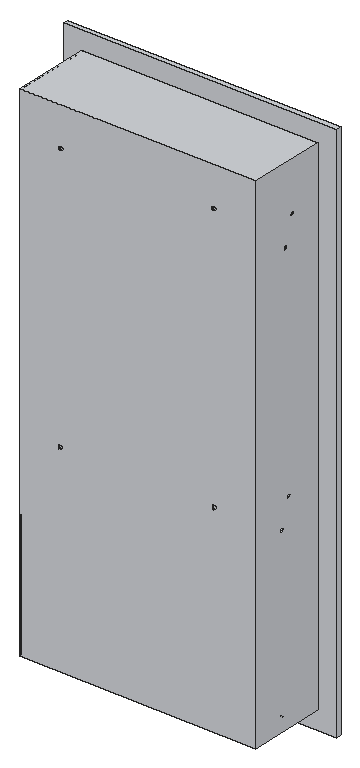
Revit family "AX9010E_0017", category Appareils sanitaires, Revit 2016
Family settings
  Hôte = Mur
  Type d'élément = Normal
  Cote de connecteur circulaire = Utiliser le diamètre
  Numéro OmniClass = 23.75.00.00
  Titre OmniClass = Climate Control (HVAC)
  Toujours verticalement = Oui
  Couper avec des vides une fois chargée = Non
  Partagée = Non
  Point de calcul de pièce = Non
Parameters (values of type "Type 1")
  URL = "https://www.axeuro.com/fr/distributeurs-d-essuie-mains-a-encastrer/15493-distributeur-d-essuie-mains-ax9010e-3700926005932.html"
  Type de produit / Type of product = "Distributeur d'essuie-mains à encastrer / Paper towel dispenser"  # constant formula
  Référence / Reference = "AX9010E"  # constant formula
  Model = ""
  Manufacturer = ""
  Entreprise / Company = "Axeuro"  # constant formula
  Description = ""
Reference planes
  plane 1 "Mur": y = 0
  plane 2 "Centre (gauche/droite)": x = 0
  plane 3 "Arrière": y = 75
Forms (mm)
  Extrusion 1, solid
    sketch origin (0, -40.203, 0) x (1, 0, 0) y (0, 0, 1)
      loop
        line (-177.966, 1652.637) -> (-177.966, 941.637) -> (177.966, 941.637) -> (177.966, 1652.637) -> (-177.966, 1652.637)
      loop
        line (-152.966, 1629.138) -> (-152.966, 966.637) -> (152.966, 966.637) -> (152.966, 1629.138) -> (-152.966, 1629.138)
    from -122.251 to -115.203
  Extrusion 2, solid
    sketch origin (9.694, -27.027, -331.5) x (1, 0, 0) y (0, 0, 1)
      loop
        line (143.272, 1297.637) -> (143.272, 1959.637) -> (-162.66, 1959.637) -> (-162.66, 1297.637) -> (143.272, 1297.637)
      loop
        line (144.272, 1960.637) -> (-163.66, 1960.637) -> (-163.66, 1296.637) -> (144.272, 1296.637) -> (144.272, 1960.637)
    from -102.027 to 0
  Extrusion 3, solid
    sketch origin (0, -102.027, -8.718) x (1, 0, 0) y (0, 1, 0)
      loop
        line (-153.966, 75) -> (153.966, 75) -> (153.966, 76.029) -> (-153.966, 76.029) -> (-153.966, 75)
    from 973.855 to 1637.855
  Extrusion 4, solid
    sketch origin (0, 0, -8.718) x (0, 1, 0) y (0, 0, 1)
      loop
        line (-27.027, 1637.856) -> (-27.027, 1141.637) -> (82.048, 1165.664) -> (82.048, 1637.856) -> (-27.027, 1637.856)
    from -152.966 to 152.966
  Revolve 5, solid
    sketch origin (2058.846, -100.967, 1395.08) x (0, 1, 0) y (-1, 0, 0)
      loop
        line (183.015, 1951.576) -> (183.015, 1947.779) -> (188.973, 1947.779)
        arc (188.973, 1947.779) -> (186.535, 1950.527) -> (183.015, 1951.576) r 6.699
      axis (188.973, 1939.978) -> (183.015, 1939.978)
    angle from 0 to 360
  Extrusion 6, solid
    sketch origin (2058.846, -25.967, 1395.08) x (0, 0, 1) y (-1, 0, 0)
      loop
        circle (0, 1940.019) r 7.777
    from -113.973 to -108.015
  Extrusion 7, void
    sketch origin (2058.209, -25.967, 1397.281) x (0, 0, 1) y (-1, 0, 0)
      loop
        line (-0.713, 1944.317) -> (-3.713, 1944.317) -> (-3.713, 1934.447) -> (-0.713, 1934.447) -> (-0.713, 1944.317)
    from -113.973 to -108.015
  Revolve 8, solid, not visible
    sketch origin (162.118, 0, 18.451) x (0, 1, 0) y (0, 0, 1)
      loop
        line (183.015, 1951.576) -> (183.015, 1947.779) -> (188.973, 1947.779)
        arc (188.973, 1947.779) -> (186.535, 1950.527) -> (183.015, 1951.576) r 6.699
      axis (188.973, 1939.978) -> (183.015, 1939.978)
    angle from 0 to 360
  Extrusion 9, solid, not visible
    sketch origin (162.118, 75, 18.451) x (1, 0, 0) y (0, 0, 1)
      loop
        circle (0, 1940.019) r 7.777
    from -113.973 to -108.015
  Extrusion 10, void, not visible
    sketch origin (164.319, 75, 19.088) x (1, 0, 0) y (0, 0, 1)
      loop
        line (-0.713, 1944.317) -> (-3.713, 1944.317) -> (-3.713, 1934.447) -> (-0.713, 1934.447) -> (-0.713, 1944.317)
    from -113.973 to -108.015
  Extrusion 11, solid
    sketch origin (0, 0, 0) x (0, 1, 0) y (0, 0, 1)
      loop
        line (-24.998, 1141.864) -> (-25.998, 1141.864) -> (-25.998, 1063.464)
        arc (-25.998, 1063.464) -> (3.779, 993.147) -> (75, 965.599) r 97.914
        line (75, 965.599) -> (75, 966.6)
        arc (75, 966.6) -> (4.486, 993.854) -> (-24.998, 1063.464) r 96.914
        line (-24.998, 1063.464) -> (-24.998, 1141.864)
    from -152.966 to 152.966
  Extrusion 12, void
    sketch origin (0, -90.471, -8.718) x (1, 0, 0) y (0, 1, 0)
      loop
        line (111.983, 143.057) -> (72.372, 143.057)
        arc (72.372, 143.057) -> (36.772, 150.901) -> (0.413, 153.537) r 252.517
        arc (0.413, 153.537) -> (-35.982, 150.906) -> (-71.618, 143.057) r 252.517
        line (-71.618, 143.057) -> (-111.983, 143.057)
        arc (-111.983, 143.057) -> (-121.983, 129.028) -> (-111.983, 115) r 14.84
        line (-111.983, 115) -> (-71.593, 115)
        arc (-71.593, 115) -> (-36.657, 107.507) -> (-1.014, 104.993) r 253.893
        arc (-1.014, 104.993) -> (34.628, 107.507) -> (69.565, 115) r 253.893
        line (69.565, 115) -> (111.983, 115)
        arc (111.983, 115) -> (121.983, 129.028) -> (111.983, 143.057) r 14.84
    from 1125.338 to 1313.531
  Extrusion 13, void
    sketch origin (0, 0, -8.718) x (0, 1, 0) y (0, 0, 1)
      loop
        line (-25.448, 1143.136) -> (81.349, 1166.828) -> (81.349, 1636.873) -> (-25.448, 1636.873) -> (-25.448, 1143.136)
    from -152.966 to 152.966
  Extrusion 14, void
    sketch origin (0, 191.945, 5.159) x (0, 1, 0) y (0, 0, -1)
      loop
        circle (-159.424, -1559.427) r 3
    from 152.966 to 153.966
  Extrusion 15, void
    sketch origin (0, 180.882, -29.949) x (0, 1, 0) y (0, 0, -1)
      loop
        circle (-159.424, -1559.427) r 3
    from 152.966 to 153.966
  Extrusion 16, void
    sketch origin (0, 186.228, -322.4) x (0, 1, 0) y (0, 0, -1)
      loop
        circle (-159.424, -1559.427) r 3
    from 152.966 to 153.966
  Extrusion 17, void
    sketch origin (0, 175.165, -357.507) x (0, 1, 0) y (0, 0, -1)
      loop
        circle (-159.424, -1559.427) r 3
    from 152.966 to 153.966
  Extrusion 18, void
    sketch origin (-0.5, 0, -7.147) x (1, 0, 0) y (0, 0, 1)
      loop
        circle (100.443, 1585.011) r 3
    from 25.998 to 27.027
  Extrusion 19, void
    sketch origin (0.5, 0, -7.147) x (-1, 0, 0) y (0, 0, -1)
      loop
        circle (100.443, -1585.011) r 3
    from 25.998 to 27.027
  Extrusion 20, void
    sketch origin (0, 0, -356.718) x (1, 0, 0) y (0, 0, 1)
      loop
        circle (100.443, 1585.011) r 3
    from 25.998 to 27.027
  Extrusion 21, void
    sketch origin (0, 0, -356.718) x (-1, 0, 0) y (0, 0, -1)
      loop
        circle (100.443, -1585.011) r 3
    from 25.998 to 27.027
  Extrusion 22, void
    sketch origin (0, 191.945, 5.159) x (0, 1, 0) y (0, 0, 1)
      loop
        circle (-159.424, 1559.427) r 3
    from 152.966 to 153.966
  Extrusion 23, void
    sketch origin (0, 180.882, -29.949) x (0, 1, 0) y (0, 0, 1)
      loop
        circle (-159.424, 1559.427) r 3
    from 152.966 to 153.966
  Extrusion 24, void
    sketch origin (0, 186.228, -322.4) x (0, 1, 0) y (0, 0, 1)
      loop
        circle (-159.424, 1559.427) r 3
    from 152.966 to 153.966
  Extrusion 25, void
    sketch origin (0, 175.165, -357.507) x (0, 1, 0) y (0, 0, 1)
      loop
        circle (-159.424, 1559.427) r 3
    from 152.966 to 153.966
  Extrusion 26, void
    sketch origin (0, 75, 0) x (1, 0, 0) y (0, 0, 1)
      loop
        line (152.966, 1628.156) -> (-152.966, 1628.156) -> (-152.966, 966.637) -> (152.966, 966.637) -> (152.966, 1628.156)
    from 0 to 99.998
  Extrusion 27, void
    sketch origin (0, 75, 0) x (1, 0, 0) y (0, 0, 1)
      loop
        line (152.966, 1629.138) -> (-152.966, 1629.138) -> (-152.966, 966.637) -> (152.966, 966.637) -> (152.966, 1629.138)
    from 0 to 100.998
Cuts and joins
  Extrusion 12, Extrusion 14, Extrusion 15, Extrusion 16, Extrusion 17, Extrusion 18, Extrusion 19, Extrusion 20, Extrusion 21, Extrusion 22, Extrusion 23, Extrusion 24, Extrusion 25, Extrusion 27 cuts Extrusion 2
  Extrusion 12, Extrusion 13, Extrusion 14, Extrusion 15, Extrusion 16, Extrusion 17, Extrusion 18, Extrusion 19, Extrusion 20, Extrusion 21, Extrusion 22, Extrusion 23, Extrusion 24, Extrusion 25, Extrusion 26, Extrusion 27 cuts Extrusion 3
  Extrusion 12, Extrusion 13, Extrusion 14, Extrusion 15, Extrusion 16, Extrusion 17, Extrusion 18, Extrusion 19, Extrusion 20, Extrusion 21, Extrusion 22, Extrusion 23, Extrusion 24, Extrusion 25 cuts Extrusion 4
  joined: Extrusion 2, Extrusion 3, Extrusion 4
  Extrusion 7 cuts Extrusion 6
  Extrusion 13 cuts Extrusion 1
Lines and regions (mm)
  reference lines
    curve 1: line (5, 63.066, 0) -> (-3.86, 63.066, 0)
    curve 2: line (0, -25.998, 1141.864) -> (0, -24.998, 1141.864)
Text (mm)
  text "Côté de la mise en place" at (-1820.995, 1116.779, 0), in view "Niveau de réf."
  text "Côté de la mise en place" at (0, 1334.055, 2976.191), in view "Gauche"
  text "Côté de la mise en place" at (0, 439.194, 2944.362), in view "Droite"
Dimensions and locks
  locked: plane 3 "Arrière" to host wall
  aligned and locked: plane 1 "Mur" to host wall
